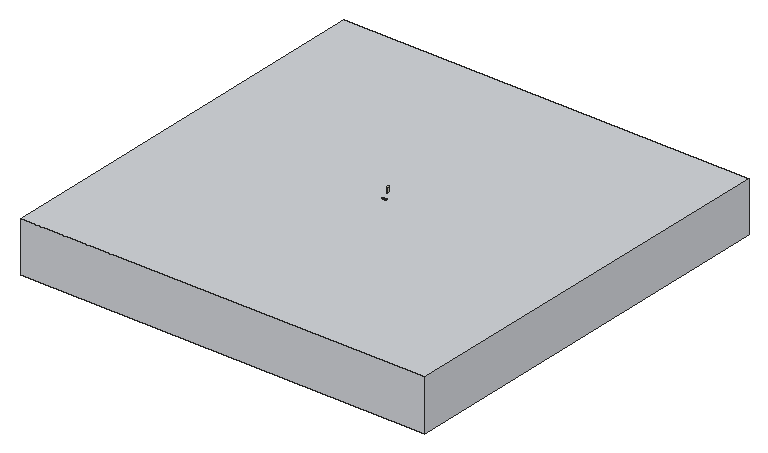
Revit family "IS_TonicII_Multiproduct_BIM_DE_A6330;A6331", category Plumbing Fixtures, host Face, Revit 2015
Parameters (values of type "A6331AA -")
  WorkingPressure = "1-5 Bar"
  WarrantyStartDate = "1900-12-31T23:59:59"
  WarrantyGuarantorParts = "n/a"
  WarrantyGuarantorLabor = "n/a"
  WarrantyDurationUnit = "n/a"
  WarrantyDurationParts = "n/a"
  WarrantyDurationLabor = "n/a"
  WarrantyDescription = "n/a"
  VolumeUnits = "Litres"
  Version = "1"
  Uniclass2015Version = "Products v1.1"
  Uniclass2015Title = "Water supply fittings for wash basins and troughs"
  Uniclass2015Code = "Pr_40_20_87_98"
  URL = "www.idealstandard.com"
  TestPressure = "10 Bar"
  TagNumber = "n/a"
  SustainabilityPerformance = "n/a"
  SpareParts = "www.idealstandard.de/ersatzteile"
  Space = "Internal"
  Size = "137 x 144 x 52 mm"
  Shape = "Sculptured"
  SerialNumber = "n/a"
  Revision = "n/a"
  ReplacementCost = "n/a"
  ProductInformation = "www.idealstandard.de/produkte"
  Phone = "+49228 5210"
  NominalWidth = 51 mm
  NominalLength = 143.453 mm
  NominalHeight = 136.869 mm
  NominalDepth = 143.453 mm
  NettWeight = "1.3 Kg"
  Name = "WashBasinTaps_TonicII_A6331_IdealStandard"
  NBSTypeID = "n/a"
  NBSReference = "45-35-70/371"
  NBSOfficeMasterTag = "n/a"
  NBSNote = "n/a"
  NBSDescription = "Water supply fitting for wash basins and troughs"
  NBSCertification = "n/a"
  ModelReference = "Tonic ii single lever one hole small basin mixer without pop-up waste"
  ModelNumber = "A6331AA"
  Model = "A6331AA"
  ManufacturerURL = "www.idealstandard.com"
  Manufacturer = "idealstandard.de@idealstandard.com"
  LinearUnits = "millimeters"
  InstallationInstructions = "www.idealstandard.de\\produkte"
  InstallationDate = "1900-12-31T23:59:59"
  IfcExportType = "FAUCET"
  IfcExportAs = "IfcValveType"
  Help = "idealstandard.de@idealstandard.com"
  GrossWeight = "n/a"
  Grade = "n/a"
  Finish = "Chrome"
  Features = "TONIC II PICCOLO single lever one hole basin mixer, no pop-up waste"
  FaucetType = "Other"
  FaucetTopDescription = "Lever"
  FaucetOperation = "Other"
  FaucetFunction = "MIXED"
  ExpectedLife = "25"
  DurationUnit = "year"
  DistributedBy = "n/a"
  Description = "A6331AA TONIC II PICCOLO single lever one hole basin mixer, no pop-up waste"
  Default Elevation = 1219.2 mm
  CurrencyUnit = "n/a"
  Constituents = "n/a"
  ConnectionType = "Plumbing"
  Brand = "Ideal Standard"
  BarCode = "4015413334983"
  BIMObjectName = "ISI_IdealStandard_WashBasinTaps_TonicII_A6331"
  Author = "Ideal Standard GmbH"
  AssetType = "Fixed"
  AssetIdentifier [instance] = "n/a"
  Assembly Code = "C1030200"
  AreaUnits = "millimeters"
  AreaMeasurement = "n/a"
  AccessibilityPerformance = "n/a"
  A6330 = yes
Types (2, lengths in mm): name | NettWeight | Name | ModelReference | ModelNumber | Model | Features | Description | BarCode | BIMObjectName
  A6330AA - | "1.7 Kg" | "WashBasinTaps_TonicII_A6330_IdealStandard" | "Tonic ii single lever one hole small basin mixer with pop-up waste" | "A6330AA" | "A6330AA" | "TONIC II PICCOLO single lever one hole basin mixer with pop-up waste" | "A6330AA TONIC II PICCOLO single lever one hole basin mixer with pop-up waste" | "4015413334976" | "ISI_IdealStandard_WashBasinTaps_TonicII_A6330"
  A6331AA - | "1.3 Kg" | "WashBasinTaps_TonicII_A6331_IdealStandard" | "Tonic ii single lever one hole small basin mixer without pop-up waste" | "A6331AA" | "A6331AA" | "TONIC II PICCOLO single lever one hole basin mixer, no pop-up waste" | "A6331AA TONIC II PICCOLO single lever one hole basin mixer, no pop-up waste" | "4015413334983" | "ISI_IdealStandard_WashBasinTaps_TonicII_A6331"
Reference planes
  plane 1 "Center (Front/Back)": y = 0
  plane 2: z = 0
  plane 3 "Center (Left/Right)": x = 0
  plane 4: y = 23.937
  plane 5: z = 26.5
  plane 6: z = 51.5
  plane 7: x = 7
  plane 8: z = 136.869
  plane 9: y = -119.515
Forms (mm)
  Extrusion 1, solid
    sketch origin (0, 0, 0) x (1, 0, 0) y (0, 1, 0)
      loop
        line (-1219.2, 1219.2) -> (-1219.2, -1219.2) -> (1219.2, -1219.2) -> (1219.2, 1219.2) -> (-1219.2, 1219.2)
    from 0 to -304.8
  Extrusion 2, solid, material "ISI_IdealStandard_Brassware_Chrome3_Render", visible <- "A6330", detail levels medium+fine
    sketch origin (0, 23.937, 5) x (0, 0, -1) y (-1, 0, 0)
      loop
        arc (-46.5, 4) -> (-50.5, 0) -> (-46.5, -4) r 4
        line (-46.5, -4) -> (-21.5, -4)
        arc (-21.5, -4) -> (-17.5, 0) -> (-21.5, 4) r 4
        line (-21.5, 4) -> (-46.5, 4)
    from 0 to 8
  Extrusion 3, solid, detail levels medium+fine
    sketch origin (0, 0, 0) x (1, 0, 0) y (0, 1, 0)
      loop
        circle (7, 0) r 5
      loop
        circle (-7, 0) r 5
    from 0 to -150
Dimensions and locks
  "NominalHeight": plane 8 to plane 2
  "NominalLength": plane 4 to plane 9
  "NominalWidth": nested 2 to nested 2
  aligned and locked: plane 2 to Extrusion 1
  aligned and locked: level to Extrusion 1
  aligned and locked: plane 3 "Center (Left/Right)" to nested 1
  aligned and locked: plane 1 "Center (Front/Back)" to nested 1
  aligned and locked: plane 1 "Center (Front/Back)" to nested 2
  aligned and locked: plane 3 "Center (Left/Right)" to nested 2
Automatic sketch dimensions
  Extrusion 1 sketch curve to Extrusion 1 sketch curve = 2438.4 mm  (x2)
  Extrusion 2 sketch curve to plane 3 "Center (Left/Right)" = 0 mm
  Extrusion 2 sketch curve to plane 6 = 0 mm
  Extrusion 2 sketch curve to plane 5 = 0 mm
  Extrusion 2 sketch curve to plane 7 = 3 mm
  plane 1 "Center (Front/Back)" to Extrusion 3 sketch curve = 0 mm  (x2)
  Extrusion 3 sketch curve to plane 7 = 0 mm
  Extrusion 3 sketch curve to plane 3 "Center (Left/Right)" = 7 mm
  radius of Extrusion 3 sketch curve = 5 mm  (x2)
Nested families
  nested 1: "a6331aa_bim" at (0, 0, 0), type "a6331aa_bim", detail levels medium+fine
  nested 2: "IS_TonicII_Multiproduct_BIM_GB;A6330;A6331-FloorPlan-Ref-Level" at (0, 0, 0), type "IS_TonicII_Multiproduct_BIM_GB;A6330;A6331-FloorPlan-Ref-Level"
Connectors
  piping at (7, 0, -150), diameter 15
    settings: on Extrusion 3, index 1, connector inside diameter 0.59055", connector length 0 mm, flow factor 0, pipe flow 0 GPM, pressure drop 0.00 psi, fitting loss kfactor 0, connector angle 0.00°, fixture units 0, engagement length 0 mm, angle of deflection 0.00°, flow configuration 2, flow direction 1, fitting loss method 0, system type 20, joint type 0, gender type 0, connector reference index -1, connector utility 0, adjustable connector no, is connector primary yes, connector description ""
  piping at (-7, 0, -150), diameter 15
    settings: on Extrusion 3, index 2, connector inside diameter 0.59055", connector length 0 mm, flow factor 0, pipe flow 0 GPM, pressure drop 0.00 psi, fitting loss kfactor 0, connector angle 0.00°, fixture units 0, engagement length 0 mm, angle of deflection 0.00°, flow configuration 2, flow direction 1, fitting loss method 0, system type 19, joint type 0, gender type 0, connector reference index -1, connector utility 0, adjustable connector no, is connector primary no, connector description ""
Definition of nested family "a6331aa_bim"
  Parameters
    URL = ""
    Type Comments = ""
    Model = ""
    Manufacturer = ""
    Description = ""
    Cost = 0
  Reference planes
    plane 1: y = 0
    plane 2: z = 0
    plane 3: x = 0
Definition of nested family "IS_TonicII_Multiproduct_BIM_GB;A6330;A6331-FloorPlan-Ref-Level"
  Reference planes
    plane 1 "Center (Front/Back)": y = 0
    plane 2: z = 0
    plane 3 "Center (Left/Right)": x = 0
  Dimensions and locks
    aligned and locked: import instance to plane 3 "Center (Left/Right)"
    aligned and locked: plane 1 "Center (Front/Back)" to import instance
